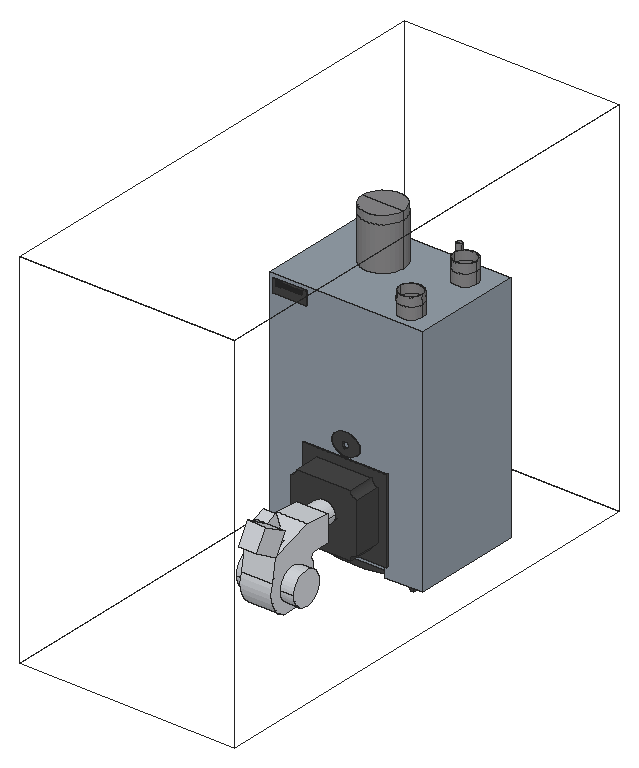
Revit family "Boiler-Gas-Weil-McLain-80_Boiler-BG580WF", category Mechanical Equipment, Revit 2020
Family settings
  Round Connector Dimension = Use Radius
  Part Type = Normal
  OmniClass Number = 23.75.10.11.14.11
  OmniClass Title = Cast-Iron Boilers
  Work Plane-Based = No
  Always vertical = Yes
  Cut with Voids When Loaded = No
  Shared = No
  Room Calculation Point = No
Parameters (values of type "380")
  Width = 2' - 5 223/256"  # constant formula
  Water Supply Flow [instance] = 0 GPM
  Water Connection Radius = Water Connection Diameter / 2  # 0' - 0 1/2"
  Water Connection Diameter = 0' - 1"
  Voltage = 120 V
  URL = "http://www.weil-mclain.com/"
  Thermal Efficiency = "80.6%"  # constant formula
  Supply Connection Radius = Supply Connection Diameter / 2  # 0' - 2"
  Supply Connection Diameter = 4"
  Shipping Weight = 1875.00 lbf
  Return Connection Radius = Return Connection Diameter / 2  # 0' - 1 1/2"
  Return Connection Diameter = 3"
  Product Page URL = "http://www.weil-mclain.com/en/weil-mclain/pd-80-commercial-gas-oil-boiler/"
  Product Name = "80 BOILER"  # constant formula
  Product Documentation Link = "http://www.weil-mclain.com/assets/pdf/550-141-935_1009_80Manual.pdf"
  Power Factor = 1
  Phase = 1
  Gas Pressure Drop = 0.053 psi
  Gas Flow = 0.163 psi
  Gas Connection Radius = Gas Connection Diameter / 2  # 0' - 0 5/8"
  Gas Connection Diameter = 0' - 1 1/4"
  Number of Poles = 1
  Net I=B=R Rating = 242000.0 Btu/h
  Model = "BG580WF"  # constant formula
  Material = ""
  Manufacturer = "WEIL-McLAIN"  # constant formula
  Length = 1' - 9 5/8"
  Gross I=B=R Rating = 278000.0 Btu/h
  Gas Net I=B=R = 346000.0 Btu/h
  Frequency = 60 Hz
  Flue B = if(Length > 5' 3 5/8", 1 = 1, 1 = 0)  # no
  Exhaust Pipe Diameter = 0' - 8"
  Exhaust Connection Radius = Exhaust Pipe Diameter / 2  # 0' - 4"
  Description = "80 Commercial Gas Oil Boiler"  # constant formula
  Default Elevation = 0' - 0"
  Combustion Efficiency = "82.6%"  # constant formula
  Clearance [instance] = yes
  Casing = Metal - Weil-McLain - Paint Grey
  Boiler Water Pressure Drop [instance] = 0.00 psi
  Boiler Horsepower = 8.3
  B = 0' - 0"
  Apparent Load = 248.67 VA
  Actual Exhaust Air Flow = 139 CFM
  A = 1' - 1 1/8"
Reference planes (in)
  plane 1 "Center (Front/Back)": y = 0
  plane 2: z = 0
  plane 3 "Center (Left/Right)": x = 0
  plane 4 "Left": x = -14.93555
  plane 5 "Right": x = 14.93555
  plane 6 "Back": y = 10.8125
  plane 7 "Front": y = -10.8125
  plane 8 "Top": z = 47.301
  plane 9 "Bottom": z = 1.75
  plane 10: z = 13
  plane 11: y = 5.875
  plane 12: y = -7.25
  plane 13: y = 2.8125
  plane 14: x = 9.87555
  plane 15: x = -3.63125
  plane 16: x = 4.935
  plane 17: y = 20.85372
  plane 18: z = 36.388
  plane 19: z = 4.01
  plane 20: x = -10.57555
  plane 21: y = 10.6645
  plane 22: y = 9.778
  plane 23: y = -9.158
  plane 24: y = -10.56159
  plane 25: y = 10.56159
  plane 26: y = -11.0625
  plane 27: y = -16.18743
  plane 28: y = -19.77354
  plane 29: z = 15.899
  plane 30: y = 5.875
  plane 31: y = -10.84375
Forms (in)
  Extrusion 1, solid, material "Metal - Weil-McLain - Paint Grey" <- "Casing"
    sketch origin (0, 0, 0) x (1, 0, 0) y (0, 1, 0)
      loop
        line (-14.93555, 10.8125) -> (-14.93555, -10.8125) -> (14.93555, -10.8125) -> (14.93555, 10.8125) -> (-14.93555, 10.8125)
    from 1.75 to 47.30099
  Revolve 2, solid, material "Metal - Weil-Mclain - Sheet Metal"
    sketch origin (0, 2.8125, 0) x (1, 0, 0) y (0, 0, 1)
      loop
        line (-7.67625, 47.301) -> (-3.63125, 47.301) -> (-3.63125, 57.31) -> (-7.5978, 57.31) -> (-7.67625, 55.81) -> (-7.67625, 47.301)
      axis (-3.63125, 57.31) -> (-3.63125, 47.301)
    angle from 0 to 360
  Revolve 3, solid, material "Metal - Weil-Mclain - Sheet Metal"
    sketch origin (0, -7.25422, 0) x (1, 0, 0) y (0, 0, 1)
      loop
        line (12.06305, 47.301) -> (12.12555, 47.301) -> (12.12555, 49.53748) -> (12.07452, 51.20748) -> (12.01199, 51.20748) -> (12.06305, 49.53653) -> (12.06305, 47.301)
      axis (9.87555, 51.20748) -> (9.87555, 47.301)
    angle from 0 to 360
  Revolve 4, solid, material "Metal - Weil-Mclain - Sheet Metal"
    sketch origin (-60, 10.6645, 48) x (-1, 0, 0) y (0, 0, 1)
      loop
        line (-64.935, 1.931) -> (-64.935, -0.699) -> (-64.435, -0.699) -> (-64.435, 1.931) -> (-64.935, 1.931)
      axis (-64.935, 1.931) -> (-64.935, -0.699)
    angle from 0 to 360
  Revolve 5, solid, material "Metal - Weil-Mclain - Sheet Metal"
    sketch origin (0, 5.94922, 0) x (1, 0, 0) y (0, 0, 1)
      loop
        line (12.06305, 47.301) -> (12.12555, 47.301) -> (12.12555, 49.53748) -> (12.07452, 51.20748) -> (12.01199, 51.20748) -> (12.06305, 49.53653) -> (12.06305, 47.301)
      axis (9.87555, 51.20748) -> (9.87555, 47.301)
    angle from 0 to 360
  Extrusion 6, solid, material "Metal - Weil-Mclain - Paint Black"
    sketch origin (14.93555, -10.8125, 0) x (-1, 0, 0) y (0, 0, -1)
      loop
        line (23.06109, -20.07) -> (23.06109, -3.82) -> (6.81, -3.82) -> (6.81, -20.07) -> (23.06109, -20.07)
    from -0.25091 to 0.25
  Revolve 7, solid, material "Metal - Weil-Mclain - Sheet Metal"
    sketch origin (-3.6308, 0, 0) x (0, 1, 0) y (0, 0, 1)
      loop
        line (10.8125, 40.433) -> (10.8125, 36.388) -> (20.85372, 36.388) -> (20.85372, 40.35455) -> (19.4045, 40.433) -> (10.8125, 40.433)
      axis (20.85372, 36.388) -> (10.8125, 36.388)
    angle from 0 to 360
  Extrusion 8, void
    sketch origin (0, 0, 0) x (1, 0, 0) y (0, 0, 1)
      loop
        circle (0, 13.015) r 3.375
    from 9.158 to 10.8125
  Extrusion 9, void
    sketch origin (0, 0, 0) x (1, 0, 0) y (0, 0, 1)
      loop
        circle (-10.57555, 4.01) r 1.75
    from 9.53484 to 10.8125
  Extrusion 10, void
    sketch origin (0, 0, 0) x (1, 0, 0) y (0, 0, -1)
      loop
        circle (-10.57555, -4.01) r 1.75
    from 9.53484 to 10.8125
  Extrusion 11, void
    sketch origin (0, 0, 0) x (1, 0, 0) y (0, 0, 1)
      loop
        arc (-10.59555, 6.11) -> (-12.00976, 5.52421) -> (-12.59555, 4.11) r 2
        line (-12.59555, 4.11) -> (-12.59555, 1.75) -> (7.62555, 1.75) -> (7.62555, 3.82) -> (-8.12555, 3.82) -> (-8.12555, 6.11) -> (-10.59555, 6.11)
    from 11.0625 to 9.158
  Extrusion 12, void
    sketch origin (0, 0, 0) x (1, 0, 0) y (0, 0, 1)
      loop
        arc (2.49762, 23.26647) -> (-0.12536, 24.50749) -> (-2.64061, 23.06051) r 3.13
        arc (-2.64061, 23.06051) -> (-2.82026, 22.37957) -> (-2.64061, 21.69864) r 1.38026
        arc (-2.64061, 21.69864) -> (-0.12501, 20.25529) -> (2.49762, 21.49353) r 3.13425
        arc (2.49762, 21.49353) -> (2.82, 22.38) -> (2.49762, 23.26647) r 1.38
    from 10.8125 to 10.56159
  Extrusion 13, solid, material "Metal - Weil-Mclain - Paint Black"
    sketch origin (-60, -10.56159, 48) x (-1, 0, 0) y (0, 0, 1)
      loop
        arc (-57.35939, -24.93949) -> (-59.87464, -23.49251) -> (-62.49762, -24.73353) r 3.13
        arc (-62.49762, -24.73353) -> (-62.82, -25.62) -> (-62.49762, -26.50647) r 1.38
        arc (-62.49762, -26.50647) -> (-59.87499, -27.74471) -> (-57.35939, -26.30136) r 3.13425
        arc (-57.35939, -26.30136) -> (-57.17974, -25.62043) -> (-57.35939, -24.93949) r 1.38026
      loop
        circle (-60.005, -25.78) r 0.625
    from 0 to -0.25091
  Revolve 14, solid, material "Metal - Weil-Mclain - Sheet Metal", detail levels fine
    sketch origin (0, -0.50117, 36.388) x (1, 0, 0) y (0, 1, 0)
      loop
        line (1.6643, 15.08672) -> (2.67503, 15.08672)
        arc (2.67503, 15.08672) -> (2.6656, 15.18585) -> (2.63759, 15.2814) r 0.52418
        arc (2.63759, 15.2814) -> (2.59368, 15.36737) -> (2.53475, 15.44384) r 0.52468
        arc (2.53475, 15.44384) -> (2.52148, 15.45326) -> (2.50554, 15.45658) r 0.03988
        line (2.50554, 15.45658) -> (2.4143, 15.45658) -> (2.4143, 15.27422) -> (1.6643, 15.27422) -> (1.6643, 15.08672)
      axis (1.6643, 15.08672) -> (2.67503, 15.08672)
    angle from 0 to 360
  Revolve 15, solid, material "Metal - Weil-Mclain - Sheet Metal", detail levels fine
    sketch origin (0, 4.42014, 36.388) x (1, 0, 0) y (0, 1, 0)
      loop
        line (1.6643, 15.08672) -> (2.67503, 15.08672)
        arc (2.67503, 15.08672) -> (2.6656, 15.18585) -> (2.63759, 15.2814) r 0.52418
        arc (2.63759, 15.2814) -> (2.59368, 15.36737) -> (2.53475, 15.44384) r 0.52468
        arc (2.53475, 15.44384) -> (2.52148, 15.45326) -> (2.50554, 15.45658) r 0.03988
        line (2.50554, 15.45658) -> (2.4143, 15.45658) -> (2.4143, 15.27422) -> (1.6643, 15.27422) -> (1.6643, 15.08672)
      axis (1.6643, 15.08672) -> (2.67503, 15.08672)
    angle from 0 to 360
  Extrusion 16, solid, material "Metal - Weil-Mclain - Sheet Metal"
    sketch origin (0, 0, 0) x (0, 1, 0) y (0, 0, 1)
      loop
        line (12.2825, 43.95) -> (10.8125, 43.95) -> (10.8125, 28.826) -> (12.2825, 28.826) -> (12.2825, 43.95)
    from 3.57875 to -10.84125
  Extrusion 17, solid, not visible
    sketch origin (-2.5, 0, 0) x (0, 1, 0) y (0, 0, 1)
      loop
        line (-28.74688, 22.875) -> (-32.84101, 22.875)
        arc (-32.84101, 22.875) -> (-37.75372, 21.56964) -> (-41.37053, 17.9979) r 9.89715
        line (-41.37053, 17.9979) -> (-41.78592, 17.29211) -> (-42.14402, 16.51043)
        arc (-42.14402, 16.51043) -> (-37.49655, 9.519) -> (-32.40819, 16.1964) r 5.15351
        line (-32.40819, 16.1964) -> (-32.65273, 16.87146)
        arc (-32.65273, 16.87146) -> (-32.56831, 17.56014) -> (-31.95004, 17.875) r 0.73866
        line (-31.95004, 17.875) -> (-28.74688, 17.875) -> (-28.74688, 22.875)
    from 0 to 5
  Extrusion 18, solid, not visible
    sketch origin (2.5, -2.15838, -0.76226) x (0, 1, 0) y (0, 0, 1)
      loop
        circle (-35.12188, 15.375) r 3.138
    from 0 to 3.5
  Extrusion 19, solid, not visible
    sketch origin (-7, 0, 0) x (0, 1, 0) y (0, 0, 1)
      loop
        circle (-37.28026, 14.61274) r 3.5
    from 0 to 4.5
  Extrusion 20, solid, not visible
    sketch origin (-7, -0.25, 0) x (0, -1, 0) y (0, 0, 1)
      loop
        line (38.71776, 16.30024) -> (35.34276, 16.30024) -> (35.34276, 12.92524) -> (38.71776, 12.92524) -> (38.71776, 16.30024)
    from 0 to 1.5
  Sweep 21, solid, not visible
    path origin (-7.88789, -4.0655, 7.375) x (0, 1, 0) y (0, 0, 1)
      loop
        line (-34.90226, 8.42676) -> (-35.52726, 8.42676)
        arc (-35.52726, 8.42676) -> (-35.79242, 8.31693) -> (-35.90226, 8.05176) r 0.375
        line (-35.90226, 8.05176) -> (-35.90226, 7.92676)
    profile origin (-7.88789, -39.28026, 15.80176) x (0, 0, -1) y (1, 0, 0)
      loop
        circle (0, 0) r 0.25
  Extrusion 22, solid, material "Metal - Weil-Mclain - Paint Black"
    sketch origin (-60, 10.56159, 48) x (-1, 0, 0) y (0, 0, 1)
      loop
        arc (-57.35939, -31.4205) -> (-59.87464, -29.97352) -> (-62.49762, -31.21453) r 3.13
        arc (-62.49762, -31.21453) -> (-62.82, -32.101) -> (-62.49762, -32.98747) r 1.38
        arc (-62.49762, -32.98747) -> (-59.87499, -34.22572) -> (-57.35939, -32.78237) r 3.13425
        arc (-57.35939, -32.78237) -> (-57.17974, -32.10143) -> (-57.35939, -31.4205) r 1.38026
      loop
        circle (-60.005, -32.261) r 0.625
    from 0 to 0.25091
  Extrusion 23, void
    sketch origin (0, 0, -6.481) x (1, 0, 0) y (0, 0, 1)
      loop
        arc (2.49762, 23.26647) -> (-0.12536, 24.50749) -> (-2.64061, 23.06051) r 3.13
        arc (-2.64061, 23.06051) -> (-2.82026, 22.37957) -> (-2.64061, 21.69864) r 1.38026
        arc (-2.64061, 21.69864) -> (-0.12501, 20.25529) -> (2.49762, 21.49353) r 3.13425
        arc (2.49762, 21.49353) -> (2.82, 22.38) -> (2.49762, 23.26647) r 1.38
    from -9.778 to -10.8125
  Extrusion 24, void
    sketch origin (0, 0, 0) x (1, 0, 0) y (0, 0, 1)
      loop
        line (-8.56555, 1.75) -> (-8.56555, 3.989)
        arc (-8.56555, 3.989) -> (-10.56555, 5.989) -> (-12.56555, 3.989) r 2
        line (-12.56555, 3.989) -> (-12.56555, 1.75) -> (-8.56555, 1.75)
    from -9.53484 to -10.8125
  Extrusion 25, solid, material "Metal - Weil-Mclain - Sheet Metal"
    sketch origin (0, 0, 0) x (1, 0, 0) y (0, 0, 1)
      loop
        circle (-10.57555, 4.01) r 1.5
    from 10.8125 to 7.25
  Extrusion 26, solid, material "Metal - Weil-Mclain - Sheet Metal"
    sketch origin (0, 0, 0) x (1, 0, 0) y (0, 0, 1)
      loop
        circle (-10.57555, 4.01) r 1.5
    from -9.53484 to -10.8125
  Extrusion 27, solid
    sketch origin (-2.5, 12.82609, -7.54296) x (0, 1, 0) y (0, 0, 1)
      loop
        line (-32.59963, 22.875) -> (-37.39485, 23.3554) -> (-45.19195, 20.77238) -> (-45.99678, 16.51043)
        arc (-45.99678, 16.51043) -> (-45.95249, 12.71733) -> (-43.32416, 9.9821) r 5.15351
        line (-43.32416, 9.9821) -> (-39.04218, 9.9821)
        arc (-39.04218, 9.9821) -> (-36.47928, 12.56459) -> (-36.26095, 16.1964) r 5.15351
        line (-36.26095, 16.1964) -> (-36.50549, 16.87146)
        arc (-36.50549, 16.87146) -> (-36.42107, 17.56014) -> (-35.8028, 17.875) r 0.73866
        line (-35.8028, 17.875) -> (-32.59963, 17.875) -> (-32.59963, 22.875)
    from 0 to 6.07875
  Extrusion 28, solid
    sketch origin (2.5, 10.66771, -8.30522) x (0, 1, 0) y (0, 0, 1)
      loop
        circle (-38.97344, 15.375) r 3.138
    from 1.07875 to 3.7986
  Extrusion 29, solid
    sketch origin (0, -15.8095, -7.375) x (1, 0, 0) y (0, 0, 1)
      loop
        circle (0, 20.375) r 2.125
    from -1.87356 to 3.96404
  Extrusion 30, solid
    sketch origin (-7, 12.82609, -7.54296) x (0, 1, 0) y (0, 0, 1)
      loop
        circle (-41.13182, 14.61274) r 3.5
    from 2.5 to 4.5
  Extrusion 31, solid, material "Metal - Weil-Mclain - Paint Black"
    sketch origin (-7, -36.82804, 8.92524) x (0, 0, -1) y (1, 0, 0)
      loop
        line (2.72524, 1.755) -> (2.72524, 12.255)
        arc (2.72524, 12.255) -> (1.84135, 12.62112) -> (1.47524, 13.505) r 1.25
        line (1.47524, 13.505) -> (-8.27476, 13.505)
        arc (-8.27476, 13.505) -> (-8.64088, 12.62112) -> (-9.52476, 12.255) r 1.25
        line (-9.52476, 12.255) -> (-9.52476, 1.755)
        arc (-9.52476, 1.755) -> (-8.64088, 1.38888) -> (-8.27476, 0.505) r 1.25
        line (-8.27476, 0.505) -> (1.47524, 0.505)
        arc (1.47524, 0.505) -> (1.84135, 1.38888) -> (2.72524, 1.755) r 1.25
    from -20.64061 to -26.01554
  Extrusion 32, solid, not visible
    sketch origin (-2.5, 0, 0) x (0, 1, 0) y (0, 0, 1)
      loop
        line (-32.59963, 22.875) -> (-37.39485, 23.3554) -> (-45.19195, 20.77238) -> (-45.99678, 16.51043)
        arc (-45.99678, 16.51043) -> (-45.95249, 12.71733) -> (-43.32416, 9.9821) r 5.15351
        line (-43.32416, 9.9821) -> (-39.04218, 9.9821)
        arc (-39.04218, 9.9821) -> (-36.47928, 12.56459) -> (-36.26095, 16.1964) r 5.15351
        line (-36.26095, 16.1964) -> (-36.50549, 16.87146)
        arc (-36.50549, 16.87146) -> (-36.42107, 17.56014) -> (-35.8028, 17.875) r 0.73866
        line (-35.8028, 17.875) -> (-32.59963, 17.875) -> (-32.59963, 22.875)
    from 0 to 6.07875
  Extrusion 33, solid, not visible
    sketch origin (2.5, -2.15838, -0.76226) x (0, 1, 0) y (0, 0, 1)
      loop
        circle (-38.97344, 15.375) r 3.138
    from 1.07875 to 3.7986
  Extrusion 34, solid, not visible
    sketch origin (-7, 0, 0) x (0, 1, 0) y (0, 0, 1)
      loop
        circle (-41.13182, 14.61274) r 3.5
    from 2.5 to 4.5
  Extrusion 35, solid
    sketch origin (0, 8.76059, -0.16796) x (0, 1, 0) y (0, 0, 1)
      loop
        line (-43.57501, 19.8) -> (-45.73528, 16.0583) -> (-41.12645, 13.39738) -> (-38.96618, 17.13909) -> (-43.57501, 19.8)
    from 3.57875 to 0
  Extrusion 36, solid, not visible
    sketch origin (0, -4.0655, 7.375) x (0, 1, 0) y (0, 0, 1)
      loop
        line (-43.57501, 19.8) -> (-45.73528, 16.0583) -> (-41.12645, 13.39738) -> (-38.96618, 17.13909) -> (-43.57501, 19.8)
    from 3.57875 to 0
  Extrusion 37, solid
    sketch origin (0, 8.76059, -0.16796) x (0, 1, 0) y (0, 0, 1)
      loop
        line (-30.03468, 10.5) -> (-32.03468, 10.5) -> (-32.03468, 8) -> (-30.03468, 8) -> (-30.03468, 10.5)
    from 0 to -4.5
  Extrusion 38, solid
    sketch origin (0, 8.76059, -0.17683) x (0, 1, 0) y (0, 0, 1)
      loop
        circle (-30.51003, 7.38386) r 0.625
    from 0 to -5.40025
  Extrusion 39, solid
    sketch origin (0, 8.76059, -0.16796) x (0, 1, 0) y (0, 0, 1)
      loop
        line (-35.70252, 15.19422) -> (-36.56732, 17.8047) -> (-38.70317, 17.09714) -> (-37.83837, 14.48666) -> (-35.70252, 15.19422)
    from 0 to -2.5
  Extrusion 40, solid
    sketch origin (0, 8.76059, -0.16796) x (0, 1, 0) y (0, 0, 1)
      loop
        line (-39.69136, 15.88303) -> (-41.12645, 13.39738) -> (-37.83837, 14.48666) -> (-39.69136, 15.88303)
    from 2.5 to 0
  Extrusion 41, solid, not visible
    sketch origin (0, -4.0655, 7.375) x (0, 1, 0) y (0, 0, 1)
      loop
        line (-30.03468, 10.5) -> (-32.03468, 10.5) -> (-32.03468, 8) -> (-30.03468, 8) -> (-30.03468, 10.5)
    from 0 to -4.5
  Extrusion 42, solid, not visible
    sketch origin (0, -4.0655, 7.36614) x (0, 1, 0) y (0, 0, 1)
      loop
        circle (-30.51003, 7.38386) r 0.625
    from 0 to -5.40025
  Extrusion 43, solid, not visible
    sketch origin (0, -4.0655, 7.375) x (0, 1, 0) y (0, 0, 1)
      loop
        line (-35.70252, 15.19422) -> (-36.56732, 17.8047) -> (-38.70317, 17.09714) -> (-37.83837, 14.48666) -> (-35.70252, 15.19422)
    from 0 to -2.5
  Extrusion 44, solid, not visible
    sketch origin (0, -4.0655, 7.375) x (0, 1, 0) y (0, 0, 1)
      loop
        line (-39.69136, 15.88303) -> (-41.12645, 13.39738) -> (-37.83837, 14.48666) -> (-39.69136, 15.88303)
    from 2.5 to 0
  Sweep 45, solid, material "Metal - Weil-Mclain - Sheet Metal"
    path origin (-60, -180, 36.388) x (-1, 0, 0) y (0, -1, 0)
      loop
        line (-62.4143, -200.85372) -> (-62.50565, -200.85372)
    profile "Damper : Damper" origin (2.45998, 20.85372, 36.388) x (0, 1, 0) y (0, 0, 1)
      loop
        arc (-2.41512, -1.73975) -> (-1.43036, -0.94873) -> (-1.19086, 0.29148) r 1.83353
        arc (-1.19086, 0.29148) -> (-1.37439, 0.68968) -> (-1.37685, 0.25123) r 0.22458
        arc (-1.37685, 0.25123) -> (-1.58741, -0.84116) -> (-2.44552, -1.54917) r 1.64353
        arc (-2.44552, -1.54917) -> (-2.56214, -1.66549) -> (-2.41512, -1.73975) r 0.10162
      loop
        arc (-5.98191, -1.08423) -> (-5.88104, 1.32512) -> (-4.11492, 2.96705) r 3.17147
        arc (-4.11492, 2.96705) -> (-4.08093, 3.08988) -> (-4.19875, 3.13848) r 0.09612
        arc (-4.19875, 3.13848) -> (-6.05798, 1.39509) -> (-6.15957, -1.15164) r 3.36147
        arc (-6.15957, -1.15164) -> (-6.03754, -1.20563) -> (-5.98191, -1.08423) r 0.09502
      loop
        arc (-4.3044, 3.5314) -> (-6.41666, 1.58444) -> (-6.54183, -1.28551) r 3.76647
        arc (-6.54183, -1.28551) -> (-5.92615, -1.77232) -> (-5.21348, -1.44344) r 0.74997
        arc (-5.21348, -1.44344) -> (-4.14217, -0.94829) -> (-3.21352, -1.67664) r 1.13079
        arc (-3.21352, -1.67664) -> (-2.82589, -2.09458) -> (-2.25675, -2.12645) r 0.76165
        arc (-2.25675, -2.12645) -> (-0.9545, -0.93965) -> (-0.90621, 0.82161) r 2.25071
        arc (-0.90621, 0.82161) -> (-1.30113, 1.2236) -> (-1.86234, 1.17246) r 0.65792
        arc (-1.86234, 1.17246) -> (-3.00879, 1.40716) -> (-3.32718, 2.53324) r 1.12557
        arc (-3.32718, 2.53324) -> (-3.51766, 3.32419) -> (-4.3044, 3.5314) r 0.79322
  Sweep 46, solid, material "Metal - Weil-Mclain - Sheet Metal"
    path origin (-60, -180, 47.301) x (-1, 0, 0) y (0, -1, 0)
      loop
        line (-63.3093, -190.8125) -> (-63.3693, -190.8125)
    profile "Side profile : Side profile" origin (3.3393, 10.8125, 47.301) x (0, 1, 0) y (0, 0, 1)
      loop
        line (1.58875, -4.02825) -> (1.58875, -3.90625) -> (1.46875, -3.90625) -> (1.46875, -17.90625) -> (1.58875, -17.90625) -> (1.58875, -17.78425) -> (2.08875, -17.78425) -> (2.08875, -17.27273)
        arc (2.08875, -17.27273) -> (1.76875, -16.80625) -> (2.08875, -16.33977) r 0.5
        line (2.08875, -16.33977) -> (2.08875, -11.37273)
        arc (2.08875, -11.37273) -> (1.76875, -10.90625) -> (2.08875, -10.43977) r 0.5
        line (2.08875, -10.43977) -> (2.08875, -5.47273)
        arc (2.08875, -5.47273) -> (1.76875, -5.00625) -> (2.08875, -4.53977) r 0.5
        line (2.08875, -4.53977) -> (2.08875, -4.02825) -> (1.58875, -4.02825)
  Sweep 47, solid, material "Metal - Weil-Mclain - Sheet Metal"
    path origin (-60, -180, 47.301) x (-1, 0, 0) y (0, -1, 0)
      loop
        line (-49.36875, -190.8125) -> (-49.42445, -190.8125)
    profile "Side profile : Side profile" origin (-10.6034, 10.8125, 47.301) x (0, 1, 0) y (0, 0, 1)
      loop
        line (1.58875, -4.02825) -> (1.58875, -3.90625) -> (1.46875, -3.90625) -> (1.46875, -17.90625) -> (1.58875, -17.90625) -> (1.58875, -17.78425) -> (2.08875, -17.78425) -> (2.08875, -17.27273)
        arc (2.08875, -17.27273) -> (1.76875, -16.80625) -> (2.08875, -16.33977) r 0.5
        line (2.08875, -16.33977) -> (2.08875, -11.37273)
        arc (2.08875, -11.37273) -> (1.76875, -10.90625) -> (2.08875, -10.43977) r 0.5
        line (2.08875, -10.43977) -> (2.08875, -5.47273)
        arc (2.08875, -5.47273) -> (1.76875, -5.00625) -> (2.08875, -4.53977) r 0.5
        line (2.08875, -4.53977) -> (2.08875, -4.02825) -> (1.58875, -4.02825)
  Sweep 48, solid, material "Metal - Weil-Mclain - Sheet Metal"
    path origin (-3.63125, -60, 48) x (0, -1, 0) y (0, 0, 1)
      loop
        line (-70.8125, -18.612) -> (-70.8125, -18.552)
    profile "Top profile : Top profile" origin (-3.63125, 10.8125, 29.418) x (0, 1, 0) y (-1, 0, 0)
      loop
        arc (2.08875, 5.43298) -> (1.76875, 5.89945) -> (2.08875, 6.36593) r 0.5
        line (2.08875, 6.36593) -> (2.08875, 6.87745) -> (1.46875, 6.87745) -> (1.46875, -6.87855) -> (2.08875, -6.87855) -> (2.08875, -6.36702)
        arc (2.08875, -6.36702) -> (1.76875, -5.90055) -> (2.08875, -5.43407) r 0.5
        line (2.08875, -5.43407) -> (2.08875, -0.46648)
        arc (2.08875, -0.46648) -> (1.76875, 0) -> (2.08875, 0.46648) r 0.5
        line (2.08875, 0.46648) -> (2.08875, 5.43298)
  Sweep 49, solid, material "Metal - Weil-Mclain - Sheet Metal"
    path origin (-3.63125, -60, 48) x (0, -1, 0) y (0, 0, 1)
      loop
        line (-70.8125, -4.672) -> (-70.8125, -4.612)
    profile "Top profile : Top profile" origin (-3.63125, 10.8125, 43.358) x (0, 1, 0) y (-1, 0, 0)
      loop
        arc (2.08875, 5.43298) -> (1.76875, 5.89945) -> (2.08875, 6.36593) r 0.5
        line (2.08875, 6.36593) -> (2.08875, 6.87745) -> (1.46875, 6.87745) -> (1.46875, -6.87855) -> (2.08875, -6.87855) -> (2.08875, -6.36702)
        arc (2.08875, -6.36702) -> (1.76875, -5.90055) -> (2.08875, -5.43407) r 0.5
        line (2.08875, -5.43407) -> (2.08875, -0.46648)
        arc (2.08875, -0.46648) -> (1.76875, 0) -> (2.08875, 0.46648) r 0.5
        line (2.08875, 0.46648) -> (2.08875, 5.43298)
  Sweep 50, solid, material "Metal - Weil-Mclain - Paint Black"
    path origin (0, 0, 0) x (0, 1, 0) y (0, 0, 1)
      loop
        line (-9.158, 1.75) -> (9.778, 1.75)
    profile "Bottom : Bottom" origin (0, 0.31, 1.75) x (0, 0, 1) y (1, 0, 0)
      loop
        line (-1.75, -12.37016) -> (-1.75, -12.99016) -> (-0.54877, -12.99016)
        arc (-0.54877, -12.99016) -> (-0.28836, -13.09353) -> (-0.16975, -13.34736) r 0.37968
        line (-0.16975, -13.34736) -> (-0.17, -13.46016) -> (0, -13.46016) -> (0, 11.88985) -> (-1.75, 11.88984) -> (-1.75, 11.26984)
        arc (-1.75, 11.26984) -> (-0.73583, 10.73471) -> (-0.33, 9.66223) r 1.62
        line (-0.33, 9.66223) -> (-0.33, 7.51023)
        arc (-0.33, 7.51023) -> (-0.341, 7.30074) -> (-0.37389, 7.09355) r 2
        arc (-0.37389, 7.09355) -> (-1.12, 0.00984) -> (-0.37389, -7.07386) r 34
        arc (-0.37389, -7.07386) -> (-0.341, -7.28106) -> (-0.33, -7.49055) r 2
        line (-0.33, -7.49055) -> (-0.33, -10.76255)
        arc (-0.33, -10.76255) -> (-0.73583, -11.83503) -> (-1.75, -12.37016) r 1.62
  Sweep 51, solid, material "Metal - Weil-Mclain - Sheet Metal"
    path origin (-3.63125, -60, 48) x (0, -1, 0) y (0, 0, 1)
      loop
        line (-70.8125, -11.187) -> (-70.8125, -12.037)
    profile "Damper Bracket : Damper Bracket" origin (-3.63125, 10.8125, 36.388) x (0, -1, 0) y (-1, 0, 0)
      loop
        line (-9.23875, -5.85225) -> (-9.23875, -5.97125) -> (-8.48775, -5.97125)
        arc (-8.48775, -5.97125) -> (-8.31946, -5.90154) -> (-8.24975, -5.73325) r 0.238
        line (-8.24975, -5.73325) -> (-8.24975, -4.26925)
        arc (-8.24975, -4.26925) -> (-8.2149, -4.1851) -> (-8.13075, -4.15025) r 0.119
        line (-8.13075, -4.15025) -> (-5.57622, -4.15025)
        arc (-5.57622, -4.15025) -> (-5.51672, -4.16619) -> (-5.47316, -4.20975) r 0.119
        line (-5.47316, -4.20975) -> (-4.52486, -5.85225)
        arc (-4.52486, -5.85225) -> (-4.43775, -5.93936) -> (-4.31875, -5.97125) r 0.238
        line (-4.31875, -5.97125) -> (-3.46875, -5.97125) -> (-3.46875, -5.85225) -> (-4.31875, -5.85225)
        arc (-4.31875, -5.85225) -> (-4.37825, -5.83631) -> (-4.42181, -5.79275) r 0.119
        line (-4.42181, -5.79275) -> (-5.3701, -4.15025)
        arc (-5.3701, -4.15025) -> (-5.45722, -4.06314) -> (-5.57622, -4.03125) r 0.238
        line (-5.57622, -4.03125) -> (-8.13075, -4.03125)
        arc (-8.13075, -4.03125) -> (-8.29904, -4.10096) -> (-8.36875, -4.26925) r 0.238
        line (-8.36875, -4.26925) -> (-8.36875, -5.73325)
        arc (-8.36875, -5.73325) -> (-8.4036, -5.8174) -> (-8.48775, -5.85225) r 0.119
        line (-8.48775, -5.85225) -> (-9.23875, -5.85225)
  Revolve 52, solid, material "Metal - Weil-Mclain - Sheet Metal", visible <- "Flue B"
    sketch origin (0, 3.06263, 0) x (1, 0, 0) y (0, 0, 1)
      loop
        line (12.06305, 47.301) -> (12.12555, 47.301) -> (12.12555, 49.53748) -> (12.07452, 51.20748) -> (12.01199, 51.20748) -> (12.06305, 49.53653) -> (12.06305, 47.301)
      axis (9.87555, 51.20748) -> (9.87555, 47.301)
    angle from 0 to 360
  Extrusion 53, solid, material "Clearances - Weil McLain", visible <- "Clearance"
    sketch origin (42.3125, -6.535, -0.449) x (1, 0, 0) y (0, 1, 0)
      loop
        line (-63.24805, 36.38872) -> (-63.24805, -57.65243) -> (-21.37695, -57.65243) -> (-21.37695, 36.38872) -> (-63.24805, 36.38872)
    from 0.449 to 71.75
  Extrusion 54, solid, material "Metal - Weil-Mclain - Paint Black"
    sketch origin (0, 0, 0) x (1, 0, 0) y (0, 0, 1)
      loop
        arc (-14.07722, 46.60684) -> (-14.25399, 46.53362) -> (-14.32722, 46.35684) r 0.25
        line (-14.32722, 46.35684) -> (-14.32722, 44.10684)
        arc (-14.32722, 44.10684) -> (-14.25399, 43.93007) -> (-14.07722, 43.85684) r 0.25
        line (-14.07722, 43.85684) -> (-7.82722, 43.85684)
        arc (-7.82722, 43.85684) -> (-7.65044, 43.93007) -> (-7.57722, 44.10684) r 0.25
        line (-7.57722, 44.10684) -> (-7.57722, 46.35684)
        arc (-7.57722, 46.35684) -> (-7.65044, 46.53362) -> (-7.82722, 46.60684) r 0.25
        line (-7.82722, 46.60684) -> (-14.07722, 46.60684)
    from 10.84375 to 10.8125
Cuts and joins
  Extrusion 8, Extrusion 9, Extrusion 10, Extrusion 11, Extrusion 12, Extrusion 23, Extrusion 24 cuts Extrusion 1
  Extrusion 23 cuts Extrusion 13
  joined: Revolve 7, Extrusion 16
Lines and regions (in)
  Masking region 1
    outline origin (-60, -180, 47.301) x (-1, 0, 0) y (0, -1, 0)
      loop
        line (-53.505, -169.1875) -> (-53.505, -163.81257) -> (-66.505, -163.81257) -> (-66.505, -169.1875) -> (-53.505, -169.1875)
  model lines, detail levels fine
    curve 1: line (14.93555, 1.8125, 47.30099) -> (14.93555, 1.8125, 1.75)
    curve 2: line (14.93555, -3.1875, 47.30099) -> (14.93555, -3.1875, 1.75)
    curve 3: line (-14.93555, -3.1875, 47.30099) -> (-14.93555, -3.1875, 1.58)
    curve 4: line (-14.93555, 1.8125, 47.30099) -> (-14.93555, 1.8125, 1.75)
    curve 5: line (-14.93555, -3.1875, 31.05099) -> (-14.93555, 2.8125, 31.05099)
    curve 6: line (-14.93555, 2.8125, 31.05099) -> (-14.93555, 2.8125, 23.05099)
    curve 7: line (-14.93555, 2.8125, 23.05099) -> (-14.93555, -3.1875, 23.05099)
    curve 8: line (-14.93555, 1.8125, 31.05099) -> (-14.93555, -4.1875, 31.05099)
    curve 9: line (-14.93555, -4.1875, 31.05099) -> (-14.93555, -4.1875, 22.30099)
    curve 10: line (-14.93555, -4.1875, 22.30099) -> (-14.93555, 1.8125, 22.30099)
  symbolic lines, detail levels medium+fine
    curve 11: line (-10.84125, 12.2825, 0) -> (3.57875, 12.2825, 0)
    curve 12: line (-10.84125, 10.8125, 0) -> (-10.84125, 12.2825, 0)
    curve 13: line (3.57875, 10.8125, 0) -> (-10.84125, 10.8125, 0)
    curve 14: line (3.57875, 12.2825, 0) -> (3.57875, 10.8125, 0)
    curve 15: arc (-9.06422, 12.9025, 0) -> (-9.5307, 12.5825, 0) -> (-9.99718, 12.9025, 0) r 0.5
    curve 16: line (-9.99718, 12.9025, 0) -> (-10.5087, 12.9025, 0)
    curve 17: line (-10.5087, 12.9025, 0) -> (-10.5087, 12.2825, 0)
    curve 18: line (-10.5087, 12.2825, 0) -> (3.2473, 12.2825, 0)
    curve 19: line (3.2473, 12.2825, 0) -> (3.2473, 12.9025, 0)
    curve 20: line (3.2473, 12.9025, 0) -> (2.73578, 12.9025, 0)
    curve 21: arc (2.73578, 12.9025, 0) -> (2.2693, 12.5825, 0) -> (1.80282, 12.9025, 0) r 0.5
    curve 22: line (1.80282, 12.9025, 0) -> (-3.16477, 12.9025, 0)
    curve 23: arc (-3.16477, 12.9025, 0) -> (-3.63125, 12.5825, 0) -> (-4.09772, 12.9025, 0) r 0.5
    curve 24: line (-4.09772, 12.9025, 0) -> (-9.06422, 12.9025, 0)
    curve 25: line (-10.63125, 12.9025, 0) -> (-10.63125, 12.4025, 0)
    curve 26: line (-10.63125, 12.4025, 0) -> (-10.57125, 12.4025, 0)
    curve 27: line (-10.57125, 12.4025, 0) -> (-10.57125, 12.9025, 0)
    curve 28: line (-10.57125, 12.9025, 0) -> (-10.63125, 12.9025, 0)
    curve 29: line (3.3693, 12.4025, 0) -> (3.3693, 12.9025, 0)
    curve 30: line (3.3693, 12.9025, 0) -> (3.3093, 12.9025, 0)
    curve 31: line (3.3093, 12.9025, 0) -> (3.3093, 12.4025, 0)
    curve 32: line (3.3093, 12.4025, 0) -> (3.3693, 12.4025, 0)
    curve 57: line (-7.63125, 11.0325, 47.301) -> (-7.63125, 20.85372, 47.301)
    curve 58: line (0.36875, 11.0325, 47.301) -> (0.36875, 20.85372, 47.301)
    curve 59: line (-7.63125, 20.85372, 47.301) -> (0.36875, 20.85372, 47.301)
  symbolic lines
    curve 33: line (-14.93555, 10.8125, 0) -> (14.93555, 10.8125, 0)
    curve 34: line (-14.93555, -10.8125, 0) -> (-14.93555, 10.8125, 0)
    curve 35: line (14.93555, -10.8125, 0) -> (-14.93555, -10.8125, 0)
    curve 36: line (14.93555, 10.8125, 0) -> (14.93555, -10.8125, 0)
    curve 37: line (-2.5, -33.58481, 0) -> (3.57875, -33.58481, 0)
    curve 38: line (-2.5, -19.84776, 0) -> (-2.5, -33.58481, 0)
    curve 39: line (3.57875, -19.84776, 0) -> (-2.5, -19.84776, 0)
    curve 40: line (3.57875, -33.58481, 0) -> (3.57875, -19.84776, 0)
    curve 41: line (0, -37.04891, 0) -> (3.57875, -37.04891, 0)
    curve 42: line (0, -33.58481, 0) -> (0, -37.04891, 0)
    curve 43: line (3.57875, -33.58481, 0) -> (0, -33.58481, 0)
    curve 44: line (3.57875, -37.04891, 0) -> (3.57875, -33.58481, 0)
    curve 45: line (6.2986, -25.24194, 0) -> (3.57875, -25.24194, 0)
    curve 46: line (6.2986, -31.40514, 0) -> (6.2986, -25.24194, 0)
    curve 47: line (3.57875, -31.40514, 0) -> (6.2986, -31.40514, 0)
    curve 48: line (3.57875, -25.24194, 0) -> (3.57875, -31.40514, 0)
    curve 49: line (-4.5, -24.87994, 0) -> (-2.5, -24.87994, 0)
    curve 50: line (-4.5, -31.88987, 0) -> (-4.5, -24.87994, 0)
    curve 51: line (-2.5, -31.88987, 0) -> (-4.5, -31.88987, 0)
    curve 52: line (-2.5, -24.87994, 0) -> (-2.5, -31.88987, 0)
    curve 53: line (-2.125, -16.18743, 0) -> (2.1898, -16.18743, 0)
    curve 54: line (-2.125, -19.84776, 0) -> (-2.125, -16.18743, 0)
    curve 55: line (2.1898, -19.84776, 0) -> (-2.125, -19.84776, 0)
    curve 56: line (2.1898, -16.18743, 0) -> (2.1898, -19.84776, 0)
    curve 60: circle (9.87555, 6.01562, 47.301) r 2 normal (0, 0, 1)
    curve 61: circle (9.87555, 5.9375, 47.301) r 2 normal (0, 0, 1)
    curve 62: circle (9.87555, -7.25, 47.301) r 2 normal (0, 0, 1)
    curve 63: circle (-3.63125, 2.8125, 47.301) r 4 normal (0, 0, 1)
  symbolic lines, style "MechanicalEquipmentHiddenLines", visible <- "Clearance"
    curve 64: line (-20.93555, 29.97872, 47.301) -> (20.93555, 29.97872, 47.301)
    curve 65: line (-20.93555, -64.18743, 47.301) -> (-20.93555, 29.97872, 47.301)
    curve 66: line (20.93555, -64.18743, 47.301) -> (-20.93555, -64.18743, 47.301)
    curve 67: line (20.93555, 29.97872, 47.301) -> (20.93555, -64.18743, 47.301)
    curve 68: line (-20.93555, 0, 71.301) -> (20.93555, 0, 71.301)
    curve 69: line (-20.93555, 0, 0) -> (-20.93555, 0, 71.301)
    curve 70: line (20.93555, 0, 0) -> (-20.93555, 0, 0)
    curve 71: line (20.93555, 0, 71.301) -> (20.93555, 0, 0)
    curve 72: line (-3.63125, 29.85372, 71.301) -> (-3.63125, -64.18743, 71.301)
    curve 73: line (-3.63125, 29.85372, 0) -> (-3.63125, 29.85372, 71.301)
    curve 74: line (-3.63125, -64.18743, 0) -> (-3.63125, 29.85372, 0)
    curve 75: line (-3.63125, -64.18743, 71.301) -> (-3.63125, -64.18743, 0)
Dimensions and locks (in)
  equal spacing: plane 4 "Left", plane 3 "Center (Left/Right)", plane 5 "Right"
  "Width": plane 4 "Left" to plane 5 "Right"
  equal spacing: plane 7 "Front", plane 1 "Center (Front/Back)", plane 6 "Back"
  "Length": plane 6 "Back" to plane 7 "Front"
  plane 9 "Bottom" to plane 2 = 0' - 1 3/4"
  plane 10 to plane 2 = 1' - 1"
  locked: plane 14 to plane 5 "Right" at 5.06
  locked: plane 13 to plane 7 "Front" at 13.625
  locked: plane 4 "Left" to plane 15 at 11.3043
  locked: Revolve 2 sketch curve to plane 15 at 4.045
  plane 8 "Top" to Revolve 2 sketch curve to Revolve 2 sketch curve = 0' - 8.509" locked, 0' - 1 1/2" locked
  plane 8 "Top" to Revolve 3 sketch curve to Revolve 3 sketch curve = 0' - 2.23648" locked, 0' - 1.67" locked
  plane 8 "Top" to Revolve 5 sketch curve to Revolve 5 sketch curve = 0' - 2.23648" locked, 0' - 1.67" locked
  plane 17 to plane 6 "Back" = 0' - 10.04122"
  locked: plane 8 "Top" to plane 18 at 10.913
  locked: Revolve 7 sketch curve to plane 18 at 4.045
  locked: Revolve 7 sketch curve to plane 6 "Back" at 8.592
  locked: plane 19 to plane 2 at 4.01
  locked: plane 20 to plane 4 "Left" at 4.36
  locked: plane 19 to Extrusion 9 sketch curve at 0
  locked: plane 20 to Extrusion 9 sketch curve at 0
  locked: Extrusion 9 sketch curve to plane 19 at 1.75
  locked: cut or joined group 1 (Extrusion 1, Extrusion 8, Extrusion 9, Extrusion 10, Extrusion 11, Extrusion 12, Extrusion 23, Extrusion 24) to plane 7 "Front" at 1.27766
  locked: plane 6 "Back" to cut or joined group 1 at 1.27766  (x2)
  locked: cut or joined group 1 to plane 7 "Front" at 1.6545
  locked: plane 19 to Extrusion 10 sketch curve at 0
  locked: plane 20 to Extrusion 10 sketch curve at 0
  locked: plane 19 to cut or joined group 1 at 1.75
  plane 17 to Revolve 14 sketch curve to Revolve 14 sketch curve to Revolve 14 sketch curve = 0' - 5.89831" locked, 0' - 0.18236" locked, 0' - 0 3/16" locked
  Revolve 15 sketch curve to Revolve 15 sketch curve to Revolve 15 sketch curve = 0' - 0.18236" locked, 0' - 0 3/16" locked
  locked: Revolve 14 to plane 18 at 0.36986
  locked: plane 17 to Revolve 15 sketch curve at 1.34686
  plane 3 "Center (Left/Right)" to Revolve 15 sketch curve to Revolve 15 sketch curve to Revolve 15 sketch curve = 0' - 1.6643" locked, 0' - 0 3/4" locked, 0' - 0.26073" locked
  plane 3 "Center (Left/Right)" to Revolve 14 sketch curve to Revolve 14 sketch curve to Revolve 14 sketch curve = 0' - 1.6643" locked, 0' - 0 3/4" locked, 0' - 0.26073" locked
  plane 8 "Top" to Extrusion 16 sketch curve to Extrusion 16 sketch curve = 0' - 3.351" locked, 1' - 3.124" locked
  locked: Extrusion 16 sketch curve to plane 6 "Back" at 1.47
  plane 4 "Left" to Extrusion 16 to Extrusion 16 = 0' - 4.0943" locked, 1' - 2.42" locked
  locked: plane 16 to Revolve 4 at 0.5
  locked: plane 21 to Revolve 4 at 0.5
  plane 7 "Front" to Extrusion 25 = 0' - 3 9/16"
  locked: plane 6 "Back" to Extrusion 26
  locked: plane 7 "Front" to Extrusion 31 at 5.37493
  Extrusion 38 to Extrusion 28 = 0' - 11.69884"
  locked: Revolve 2 to plane 13
  locked: Revolve 5 to plane 11 at 0.07422
  locked: plane 12 to Revolve 3 at 0.00422
  locked: plane 6 "Back" to plane 22 at 1.0345
  locked: plane 23 to plane 7 "Front" at 1.6545
  locked: plane 24 to plane 7 "Front" at 0.25091
  locked: plane 6 "Back" to plane 25 at 0.25091
  plane 7 "Front" to plane 26 to plane 27 to plane 28 = 0' - 0 1/4" locked, 0' - 5.12493" locked, 0' - 3.58611" locked
  locked: Extrusion 29 to plane 27 at 2.25149
  locked: plane 6 "Back" to curve 3 at 14
  locked: curve 4 to plane 7 "Front" at 12.625
  locked: curve 6 to curve 3 at 6
  locked: curve 4 to curve 9 at 6
  locked: plane 7 "Front" to curve 1 at 12.625
  locked: curve 2 to plane 6 "Back" at 14
  curve 7 to curve 5 to plane 8 "Top" = 0' - 8" locked, 1' - 4 1/4" locked
  plane 8 "Top" to curve 8 to curve 10 = 1' - 4 1/4" locked, 0' - 8 3/4" locked
  plane 3 "Center (Left/Right)" to Sweep 45 sketch curve to Sweep 45 sketch curve = 0' - 2.4143" locked, 0' - 0.09135" locked
  plane 3 "Center (Left/Right)" to Sweep 46 sketch curve to Sweep 46 sketch curve = 0' - 3.3093" locked, 0' - 0.06" locked
  Sweep 47 sketch curve to Sweep 47 sketch curve to plane 3 "Center (Left/Right)" = 0' - 0.0557" locked, 0' - 10.57555" locked
  plane 8 "Top" to Sweep 48 sketch curve to Sweep 48 sketch curve = 1' - 5.853" locked, 0' - 0.06" locked
  Sweep 49 sketch curve to Sweep 49 sketch curve to plane 18 = 0' - 0.06" locked, 0' - 6.94" locked
  Extrusion 13 sketch curve to Extrusion 13 sketch curve to plane 2 = 0' - 0.00043" locked, 1' - 10.37957" locked
  cut or joined group of Extrusion 13, Extrusion 23 to cut or joined group of Extrusion 13, Extrusion 23 to plane 2 = 0' - 4.25721" locked, 1' - 8.25279" locked
  locked: Extrusion 13 sketch curve to plane 2 at 22.22
  Extrusion 13 sketch curve to plane 3 "Center (Left/Right)" to Extrusion 13 sketch curve = 0' - 2.82" locked, 0' - 2.82026" locked
  locked: Extrusion 13 sketch curve to plane 3 "Center (Left/Right)" at 0.63
  Sweep 51 sketch curve to plane 18 to Sweep 51 sketch curve = 0' - 0.425" locked, 0' - 0.425" locked
  Extrusion 31 sketch curve to plane 3 "Center (Left/Right)" to Extrusion 31 sketch curve = 0' - 6.505" locked, 0' - 6.495" locked  (x2)
  Extrusion 31 sketch curve to plane 10 to Extrusion 31 sketch curve = 0' - 5.45" locked, 0' - 6.8" locked  (x3)
  Extrusion 31 sketch curve to plane 3 "Center (Left/Right)" to Extrusion 31 sketch curve = 0' - 5.255" locked, 0' - 5.245" locked  (x2)
  locked: Extrusion 29 sketch curve to plane 3 "Center (Left/Right)" at 2.125
  locked: Extrusion 29 sketch curve to plane 10 at 2.125
  locked: plane 3 "Center (Left/Right)" to Extrusion 29 sketch curve at 0
  locked: plane 10 to plane 29 at 2.899
  locked: Extrusion 23 sketch curve to plane 29 at 1
  locked: plane 29 to Extrusion 23 sketch curve at 1.00704
  locked: plane 3 "Center (Left/Right)" to Extrusion 23 sketch curve at 1.44
  locked: Extrusion 23 sketch curve to plane 3 "Center (Left/Right)" at 1.44
  locked: Revolve 4 sketch curve to plane 16 at 0.5
  locked: plane 8 "Top" to Revolve 4 sketch curve at 2.63
  Extrusion 24 sketch curve to plane 20 to Extrusion 24 sketch curve = 0' - 2.01" locked, 0' - 1.99" locked
  locked: plane 9 "Bottom" to Extrusion 24 sketch curve at 4.239
  Extrusion 6 sketch curve to plane 3 "Center (Left/Right)" to Extrusion 6 sketch curve = 0' - 8.12555" locked, 0' - 8.12555" locked
  Extrusion 6 sketch curve to plane 10 to Extrusion 6 sketch curve = 0' - 7.07" locked, 0' - 9.18" locked
  locked: Extrusion 27 to plane 2 at 13.22942
  Extrusion 11 sketch curve to Extrusion 11 sketch curve to Extrusion 11 sketch curve to plane 9 "Bottom" = 0' - 2" locked, 0' - 0.29" locked, 0' - 2.07" locked
  Extrusion 11 sketch curve to Extrusion 11 sketch curve to Extrusion 11 sketch curve to plane 4 "Left" = 1' - 3.75109" locked, 0' - 4.47" locked, 0' - 2.34" locked
  "A": plane 11 to plane 12
  locked: plane 6 "Back" to plane 11 at 4.9375
  "B": plane 11 to plane 30
  plane 5 "Right" to Revolve 5 sketch curve to Revolve 5 sketch curve to Revolve 5 sketch curve = 0' - 2.81" locked, 0' - 0 1/16" locked, 0' - 2 3/16" locked
  Revolve 52 sketch curve to Revolve 52 sketch curve to Revolve 52 sketch curve to plane 8 "Top" = 0' - 1.67" locked, 0' - 0.00095" locked, 0' - 2.23553" locked
  plane 5 "Right" to Revolve 52 sketch curve to Revolve 52 sketch curve to Revolve 52 sketch curve to Revolve 52 sketch curve to Revolve 52 sketch curve = 0' - 2.81" locked, 0' - 0.05102" locked, 0' - 0.01148" locked, 0' - 0.05105" locked, 0' - 2.13645" locked
  plane 5 "Right" to Revolve 3 sketch curve to Revolve 3 sketch curve to Revolve 3 sketch curve to Revolve 3 sketch curve to Revolve 3 sketch curve = 0' - 2.81" locked, 0' - 0.05102" locked, 0' - 0.01148" locked, 0' - 0.05105" locked, 0' - 2.13645" locked
  locked: plane 5 "Right" to Extrusion 53 sketch curve at 6
  locked: Extrusion 53 sketch curve to plane 4 "Left" at 6
  locked: plane 27 to Extrusion 53 sketch curve at 48
  locked: Extrusion 53 to plane 8 "Top" at 24
  locked: Extrusion 53 sketch curve to plane 17 at 9
  Masking region 1 sketch curve to plane 3 "Center (Left/Right)" to Masking region 1 sketch curve = 0' - 6.495" locked, 0' - 6.505" locked
  "Exhaust Connection Radius": curve 57 to plane 15
  "Exhaust Connection Radius": plane 15 to curve 58
  "Supply Connection Radius": curve 60 to plane 14
  locked: curve 60 to plane 30 at 0.14063
  locked: plane 14 to curve 60
  locked: curve 61 to plane 11 at 0.0625
  locked: plane 14 to curve 61
  "Supply Connection Radius": curve 61 to plane 14
  locked: plane 14 to curve 62
  locked: plane 12 to curve 62
  "Supply Connection Radius": plane 14 to curve 62
  locked: plane 15 to curve 63
  locked: plane 13 to curve 63
  "Exhaust Connection Radius": curve 63 to plane 15
  Extrusion 54 sketch curve to Extrusion 54 sketch curve to plane 4 "Left" = 0' - 6 3/4" locked, 0' - 0.60833" locked
  plane 8 "Top" to Extrusion 54 sketch curve to Extrusion 54 sketch curve = 0' - 0.69416" locked, 0' - 2 3/4" locked
  locked: plane 7 "Front" to plane 31 at 0.03125
  Extrusion 54 sketch curve to Extrusion 54 sketch curve to Extrusion 54 sketch curve to Extrusion 54 sketch curve to plane 4 "Left" = 0' - 0" locked, 0' - 6 1/4" locked, 0' - 0" locked, 0' - 0.85833" locked
  locked: nested 1 to plane 4 "Left" at 1.36
  locked: plane 8 "Top" to nested 1 at 2
  locked: plane 28 to curve 66 at 44.41389
  locked: curve 64 to plane 6 "Back" at 19.16622
  locked: curve 65 to plane 4 "Left" at 6
  locked: plane 5 "Right" to curve 67 at 6
  locked: plane 4 "Left" to curve 69 at 6
  locked: curve 71 to plane 5 "Right" at 6
  locked: curve 68 to plane 8 "Top" at 24
  locked: plane 2 to curve 70 at 0
  locked: curve 73 to plane 17 at 9
  locked: plane 28 to curve 75 at 44.41389
  locked: curve 72 to plane 8 "Top" at 24
  locked: plane 2 to curve 74
  locked: plane 21 to plane 13 at 7.852
  locked: Extrusion 22 sketch curve to plane 3 "Center (Left/Right)" at 0.005
  locked: plane 10 to Extrusion 22 sketch curve at 2.739
  plane 10 to Extrusion 22 sketch curve to Extrusion 22 sketch curve = 0' - 1.899" locked, 0' - 2.00704" locked
  Extrusion 22 sketch curve to plane 3 "Center (Left/Right)" to Extrusion 22 sketch curve = 0' - 1.44" locked, 0' - 1.44" locked
  radius of Extrusion 18 sketch curve = 0' - 3.138"
  radius of Extrusion 28 sketch curve = 0' - 3.138"
  radius of Extrusion 33 sketch curve = 0' - 3.138"
  radius of Extrusion 22 sketch curve = 0' - 0 5/8"
  aligned and locked: plane 2 to level
  aligned and locked: Extrusion 1 sketch curve to plane 6 "Back"
  aligned and locked: plane 4 "Left" to Extrusion 1 sketch curve
  aligned and locked: plane 7 "Front" to Extrusion 1 sketch curve
  aligned and locked: Extrusion 1 sketch curve to plane 5 "Right"
  aligned and locked: Extrusion 1 to plane 9 "Bottom"
  aligned and locked: Revolve 2 sketch curve to plane 8 "Top"
  aligned and locked: Revolve 2 sketch curve to plane 15  (x2)
  aligned and locked: plane 8 "Top" to Revolve 3 sketch curve
  aligned and locked: plane 8 "Top" to Revolve 5 sketch curve
  aligned and locked: Revolve 7 sketch curve to plane 18  (x2)
  aligned and locked: plane 17 to Revolve 7 sketch curve
  aligned and locked: Revolve 7 sketch curve to plane 6 "Back"
  aligned and locked: Extrusion 9 to plane 7 "Front"
  aligned and locked: plane 6 "Back" to Extrusion 10
  aligned and locked: Extrusion 8 to plane 7 "Front"
  aligned and locked: plane 6 "Back" to Extrusion 16 sketch curve
  aligned and locked: plane 6 "Back" to Extrusion 23
  aligned and locked: plane 6 "Back" to Extrusion 26
  aligned and locked: Extrusion 24 to Extrusion 10
  aligned and locked: cut or joined group 1 to Extrusion 26
  aligned and locked: curve 11 to Extrusion 16
  aligned and locked: curve 12 to Extrusion 16
  aligned and locked: curve 13 to Extrusion 16
  aligned and locked: curve 14 to Extrusion 16
  aligned and locked: Extrusion 28 to Extrusion 27
  aligned and locked: Extrusion 29 to Extrusion 27
  aligned and locked: curve 33 to cut or joined group 1
  aligned and locked: curve 34 to cut or joined group 1
  aligned and locked: curve 35 to cut or joined group 1
  aligned and locked: curve 36 to cut or joined group 1
  aligned and locked: Extrusion 6 to plane 26
  aligned and locked: plane 7 "Front" to Extrusion 31
  aligned and locked: Extrusion 31 to plane 27
  aligned and locked: plane 28 to Extrusion 27
  aligned and locked: plane 6 "Back" to Extrusion 24
  aligned and locked: Extrusion 12 to plane 7 "Front"
  aligned and locked: Extrusion 25 to plane 7 "Front"
  aligned and locked: Sweep 45 sketch curve to plane 17
  aligned and locked: Sweep 46 sketch curve to plane 6 "Back"
  aligned and locked: Sweep 47 sketch curve to plane 6 "Back"
  aligned and locked: plane 6 "Back" to Sweep 48 sketch curve
  aligned and locked: Sweep 50 sketch curve to plane 9 "Bottom"
  aligned and locked: plane 22 to Sweep 50 sketch curve
  aligned and locked: plane 23 to Sweep 50 sketch curve
  aligned and locked: plane 24 to cut or joined group of Extrusion 13, Extrusion 23
  aligned and locked: cut or joined group of Extrusion 13, Extrusion 23 to plane 7 "Front"
  aligned and locked: Extrusion 22 to plane 25
  aligned and locked: plane 6 "Back" to Extrusion 22
  aligned and locked: Sweep 51 sketch curve to plane 6 "Back"
  aligned and locked: Revolve 4 sketch curve to plane 16  (x2)
  aligned and locked: Extrusion 24 sketch curve to plane 9 "Bottom"
  aligned and locked: plane 24 to Extrusion 6
  aligned and locked: Extrusion 29 to plane 28
  aligned and locked: Extrusion 11 sketch curve to plane 9 "Bottom"
  aligned and locked: Extrusion 11 to Extrusion 8
  aligned and locked: Extrusion 53 to plane 2
  aligned and locked: Masking region 1 sketch curve to plane 7 "Front"
  aligned and locked: plane 27 to Masking region 1 sketch curve
  aligned and locked: curve 59 to plane 17
  aligned and locked: cut or joined group 1 to plane 22
  aligned and locked: Extrusion 11 to Extrusion 6
  aligned and locked: plane 24 to cut or joined group 1
  aligned and locked: plane 12 to Extrusion 25
  aligned and locked: plane 7 "Front" to Extrusion 54
  aligned and locked: plane 31 to Extrusion 54
Automatic sketch dimensions
  Extrusion 20 sketch curve to Extrusion 20 sketch curve = 0' - 3 3/8"  (x2)
  Extrusion 17 sketch curve to Extrusion 17 sketch curve = 0' - 0.3581"
  Extrusion 17 sketch curve to Extrusion 17 sketch curve = 0' - 0.41539"
  Extrusion 17 sketch curve to Extrusion 17 sketch curve = 0' - 4.81361"
  Extrusion 17 sketch curve to Extrusion 17 sketch curve = 0' - 4.4894"
  Extrusion 17 sketch curve to Extrusion 17 sketch curve = 0' - 0.18828"
  Extrusion 17 sketch curve to Extrusion 17 sketch curve = 0' - 0.24453"
  Extrusion 17 sketch curve to Extrusion 17 sketch curve = 0' - 0"
  Extrusion 17 sketch curve to Extrusion 17 sketch curve = 0' - 0.68949"
  Extrusion 17 sketch curve to Extrusion 17 sketch curve = 0' - 0.0132"
  Extrusion 17 sketch curve to Extrusion 17 sketch curve = 0' - 4.09413"
  Extrusion 17 sketch curve to Extrusion 17 sketch curve = 0' - 1.69198"
  Extrusion 17 sketch curve to Extrusion 17 sketch curve = 0' - 3.21855"
  Extrusion 17 sketch curve to Extrusion 17 sketch curve = 0' - 0.67506"
  Extrusion 17 sketch curve to Extrusion 17 sketch curve = 0' - 0.265"
  Extrusion 17 sketch curve to Extrusion 17 sketch curve = 0' - 0.78168"
  Extrusion 17 sketch curve to Extrusion 17 sketch curve = 0' - 0.70579"
  Sweep 21 sketch curve to Sweep 21 sketch curve = 0' - 0 3/8"
  Sweep 21 sketch curve to Sweep 21 sketch curve = 0' - 0 5/8"
  Sweep 21 sketch curve to Sweep 21 sketch curve = 0' - 0 1/8"
  Extrusion 35 sketch curve to Extrusion 35 sketch curve = 0' - 2.16027"
  Extrusion 35 sketch curve to Extrusion 35 sketch curve = 0' - 4.60883"
  Extrusion 35 sketch curve to Extrusion 35 sketch curve = 0' - 2.66091"
  Extrusion 27 sketch curve to Extrusion 27 sketch curve = 0' - 2.67262"
  Extrusion 27 sketch curve to Extrusion 27 sketch curve = 0' - 4.28198"
  Extrusion 27 sketch curve to Extrusion 27 sketch curve = 0' - 7.7971"
  Extrusion 27 sketch curve to Extrusion 27 sketch curve = 0' - 0.24453"
  Extrusion 27 sketch curve to Extrusion 27 sketch curve = 0' - 0.68949"
  Extrusion 27 sketch curve to Extrusion 27 sketch curve = 0' - 0.0132"
  Extrusion 27 sketch curve to Extrusion 27 sketch curve = 0' - 3.20316"
  Extrusion 27 sketch curve to Extrusion 27 sketch curve = 0' - 0.67506"
  Extrusion 27 sketch curve to Extrusion 27 sketch curve = 0' - 0.265"
  Extrusion 27 sketch curve to Extrusion 27 sketch curve = 0' - 0"  (x4)
  Extrusion 27 sketch curve to Extrusion 27 sketch curve = 0' - 4.67768"
  Extrusion 27 sketch curve to Extrusion 27 sketch curve = 0' - 4.68773"
  Extrusion 27 sketch curve to Extrusion 27 sketch curve = 0' - 5"
  Extrusion 27 sketch curve to Extrusion 27 sketch curve = 0' - 0.4804"
  Extrusion 27 sketch curve to Extrusion 27 sketch curve = 0' - 2.14099"
  Extrusion 27 sketch curve to Extrusion 27 sketch curve = 0' - 0.80483"
  Extrusion 27 sketch curve to Extrusion 27 sketch curve = 0' - 4.26195"
  Extrusion 37 sketch curve to Extrusion 37 sketch curve = 0' - 2"
  Extrusion 37 sketch curve to Extrusion 37 sketch curve = 0' - 2 1/2"
  Extrusion 39 sketch curve to Extrusion 39 sketch curve = 0' - 0.8648"
  Extrusion 39 sketch curve to Extrusion 39 sketch curve = 0' - 2.13585"
  Extrusion 40 sketch curve to Extrusion 40 sketch curve = 0' - 1.43509"
  Extrusion 40 sketch curve to Extrusion 40 sketch curve = 0' - 1.85299"
  Extrusion 39 sketch curve to Extrusion 39 sketch curve = 0' - 0.70756"
  Extrusion 40 sketch curve to Extrusion 40 sketch curve = 0' - 1.08927"
  Extrusion 40 sketch curve to Extrusion 40 sketch curve = 0' - 1.39638"
  Extrusion 36 sketch curve to Extrusion 36 sketch curve = 0' - 4.60883"
  Extrusion 36 sketch curve to Extrusion 36 sketch curve = 0' - 2.66091"
  Extrusion 32 sketch curve to Extrusion 32 sketch curve = 0' - 2.67262"
  Extrusion 32 sketch curve to Extrusion 32 sketch curve = 0' - 4.28198"
  Extrusion 32 sketch curve to Extrusion 32 sketch curve = 0' - 7.7971"
  Extrusion 32 sketch curve to Extrusion 32 sketch curve = 0' - 0.24453"
  Extrusion 32 sketch curve to Extrusion 32 sketch curve = 0' - 0.68949"
  Extrusion 32 sketch curve to Extrusion 32 sketch curve = 0' - 0.0132"
  Extrusion 32 sketch curve to Extrusion 32 sketch curve = 0' - 3.20316"
  Extrusion 32 sketch curve to Extrusion 32 sketch curve = 0' - 0.67506"
  Extrusion 32 sketch curve to Extrusion 32 sketch curve = 0' - 0.265"
  Extrusion 32 sketch curve to Extrusion 32 sketch curve = 0' - 0"  (x4)
  Extrusion 32 sketch curve to Extrusion 32 sketch curve = 0' - 4.67768"
  Extrusion 32 sketch curve to Extrusion 32 sketch curve = 0' - 4.68773"
  Extrusion 32 sketch curve to Extrusion 32 sketch curve = 0' - 5"
  Extrusion 32 sketch curve to Extrusion 32 sketch curve = 0' - 0.4804"
  Extrusion 32 sketch curve to Extrusion 32 sketch curve = 0' - 2.14099"
  Extrusion 32 sketch curve to Extrusion 32 sketch curve = 0' - 0.80483"
  Extrusion 32 sketch curve to Extrusion 32 sketch curve = 0' - 4.26195"
  Extrusion 43 sketch curve to Extrusion 43 sketch curve = 0' - 0.70756"
  Extrusion 44 sketch curve to Extrusion 44 sketch curve = 0' - 1.08927"
  Extrusion 44 sketch curve to Extrusion 44 sketch curve = 0' - 1.39638"
  curve 23 to plane 15 = 0' - 0"
  curve 54 to plane 27 = 0' - 0"
  curve 41 to plane 3 "Center (Left/Right)" = 0' - 0"
  curve 25 to plane 20 = 0' - 0.0557"
  plane 20 to curve 27 = 0' - 0.0043"
  curve 27 to curve 16 = 0' - 0.06255"
  curve 16 to curve 15 = 0' - 0.51152"
  curve 15 to curve 15 = 0' - 0.46648"
  curve 15 to curve 24 = 0' - 0.46648"
  plane 15 to curve 49 = 0' - 0.86875"
  plane 15 to curve 23 = 0' - 0.46648"
  curve 22 to plane 15 = 0' - 0.46648"
  curve 49 to plane 15 = 0' - 1.13125"
  curve 39 to plane 28 = 0' - 0 19/256"
  curve 39 to plane 15 = 0' - 1.13125"
  curve 55 to plane 28 = 0' - 0 19/256"
  curve 38 to curve 55 = 0' - 0 3/8"
  plane 3 "Center (Left/Right)" to curve 22 = 0' - 1.80282"
  plane 3 "Center (Left/Right)" to curve 56 = 0' - 2.1898"
  curve 21 to curve 21 = 0' - 0.46648"  (x2)
  curve 19 to curve 11 = 0' - 0.33145"
  curve 18 to curve 32 = 0' - 0.062"
  curve 30 to curve 29 = 0' - 0.06"
  plane 16 to curve 44 = 0' - 1.35625"
  plane 16 to curve 45 = 0' - 1.35625"
  curve 46 to plane 16 = 0' - 1.3636"
  curve 52 to curve 38 = 0' - 5.03218"
  curve 45 to plane 28 = 0' - 5.4684"
  curve 46 to curve 45 = 0' - 6.1632"
  curve 51 to curve 47 = 0' - 0.48473"
